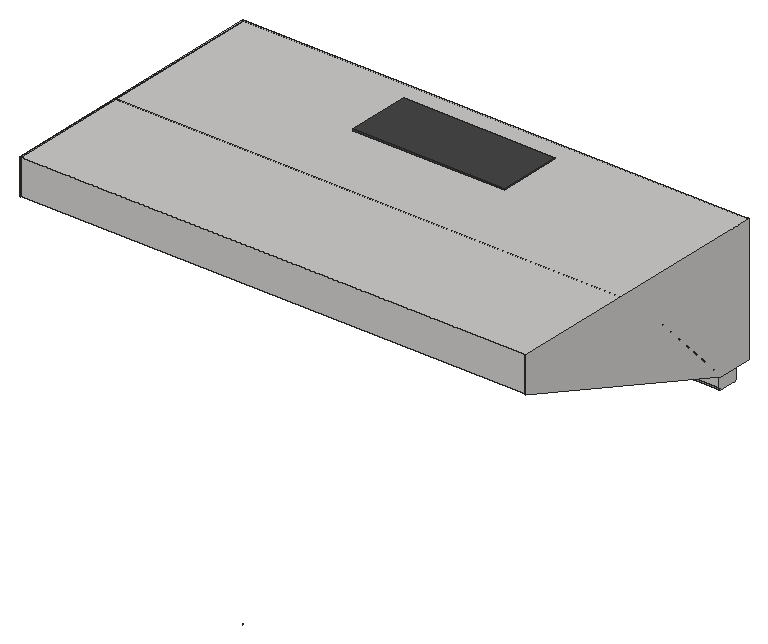
Revit family "QF_ELECTROLUXPROFESSIONAL_642091_MP1120DT", category Specialty Equipment, Revit 2014
Reference planes
  plane 1 "Center (Front/Back)": y = 0
  plane 2: z = 0
  plane 3 "Center (Left/Right)": x = 150
  plane 4 "LEFT": x = -850
  plane 5 "RIGHT": x = 1150
  plane 6 "BACK": y = 550
  plane 7 "FRONT": y = -550
  plane 8 "Plane": z = 2000
  plane 9 "TOP": z = 2140
  plane 10 "Base": z = 1640
  plane 11: z = 1566
  plane 12 "DrainY": y = 485
  plane 13: x = -847
  plane 14: through (0, 414.509, 1640.8) normal (0, 0.7314, 0.682)
  plane 15: y = 470
  plane 16: y = 220
  plane 17 "DrainX": x = 1030
  plane 18: x = -150
  plane 19: x = 450
  plane 20: x = 1147
  plane 21: x = 940
  plane 22: x = 1120
  plane 23: x = -810
  plane 24: x = 1110
  plane 25: x = -47.5
  plane 26: x = 347.5
Forms (mm)
  Extrusion 1, solid, material "QF_Finishes_Stainless Steel"
    sketch origin (-850, 0, 0) x (0, 1, 0) y (0, 0, 1)
      loop
        line (550, 1640) -> (550, 2140) -> (-550, 2140) -> (-550, 1999.112) -> (413.973, 1640) -> (550, 1640)
    from 0 to 3
  Extrusion 2, solid, material "QF_Finishes_Stainless Steel"
    sketch origin (150, 0, 0) x (0, 1, 0) y (0, 0, 1)
      loop
        line (415.255, 1640) -> (550, 1640) -> (550, 2139.19) -> (549.2, 2139.19) -> (549.2, 1640.8) -> (415.876, 1640.8) -> (339.347, 1722.867) -> (349.609, 1732.436) -> (348.927, 1733.167) -> (337.934, 1722.917) -> (415.255, 1640)
      loop
        line (-82.203, 2139.19) -> (-82.203, 2118.6) -> (-31.047, 2118.6) -> (34.354, 2048.466) -> (46.028, 2059.352) -> (45.346, 2060.083) -> (34.403, 2049.879) -> (-30.612, 2119.6) -> (-81.203, 2119.6) -> (-81.203, 2139.19) -> (-82.203, 2139.19)
    from -997 to 997
  Extrusion 3, solid, material "QF_Finishes_Stainless Steel"
    sketch origin (1150, 0, 0) x (0, 1, 0) y (0, 0, 1)
      loop
        line (550, 1640) -> (550, 2140) -> (-550, 2140) -> (-550, 1999.112) -> (413.973, 1640) -> (550, 1640)
    from 0 to -3
  Extrusion 4, solid, material "QF_Finishes_Stainless Steel"
    sketch origin (150, 0, 0) x (0, 1, 0) y (0, 0, 1)
      loop
        line (-550, 2140) -> (-550, 2000) -> (-549.2, 2000) -> (-549.2, 2139.19) -> (550, 2139.19) -> (550, 2140) -> (-550, 2140)
    from -1000 to 1000
  Extrusion 5, solid, material "QF_Finishes_Stainless Steel"
    sketch origin (150, 0, 0) x (0, 1, 0) y (0, 0, 1)
      loop
        line (534, 1640) -> (436, 1640) -> (436, 1627) -> (443.5, 1627) -> (443.5, 1576)
        arc (443.5, 1576) -> (446.429, 1568.929) -> (453.5, 1566) r 10
        line (453.5, 1566) -> (516.5, 1566)
        arc (516.5, 1566) -> (523.571, 1568.929) -> (526.5, 1576) r 10
        line (526.5, 1576) -> (526.5, 1627) -> (534, 1627) -> (534, 1640)
    from 790 to 970
  Extrusion 6, solid, material "QF_Finishes_Stainless Steel"
    sketch origin (0, 0, 1640) x (0, 1, 0) y (-1, 0, 0)
      loop
        circle (485, -1030) r 20
    from -76 to -74
  Extrusion 7, solid, material "QF_Finished_Chrome"
    sketch origin (150, 0, 0) x (0, 1, 0) y (0, 0, 1)
      loop
        line (337.934, 1722.917) -> (341.591, 1726.327) -> (38.011, 2051.876) -> (34.354, 2048.466) -> (337.934, 1722.917)
    from -197.5 to -960
  Extrusion 8, solid, material "QF_Finishes_Stainless Steel"
    sketch origin (150, 0, 0) x (0, 1, 0) y (0, 0, 1)
      loop
        line (337.934, 1722.917) -> (341.591, 1726.327) -> (38.011, 2051.876) -> (34.354, 2048.466) -> (337.934, 1722.917)
    from 997 to 960
  Extrusion 9, solid, material "QF_Finished_Chrome"
    sketch origin (150, 0, 0) x (0, 1, 0) y (0, 0, 1)
      loop
        line (341.588, 1726.324) -> (38.009, 2051.874) -> (34.354, 2048.466) -> (337.934, 1722.917) -> (341.588, 1726.324)
    from 197.5 to 960
  Extrusion 10, solid, material "QF_Finishes_Black"
    sketch origin (0, 0, 2140) x (0, 1, 0) y (-1, 0, 0)
      loop
        line (470, -450) -> (470, 150) -> (220, 150) -> (220, -450) -> (470, -450)
    from 5 to 0
  Extrusion 11, solid, material "QF_Finishes_Stainless Steel"
    sketch origin (0, 0, 0) x (1, 0, 0) y (0, 1, 0)
      loop
        line (-850, 550) -> (-850, 549) -> (-849, 549) -> (-849, 550) -> (-850, 550)
    from 0 to 1
  Extrusion 12, solid, material "QF_Finishes_Stainless Steel"
    sketch origin (150, 0, 0) x (0, 1, 0) y (0, 0, 1)
      loop
        line (337.934, 1722.917) -> (341.591, 1726.327) -> (38.011, 2051.876) -> (34.354, 2048.466) -> (337.934, 1722.917)
    from -960 to -997
  Extrusion 13, solid, material "QF_Finishes_Stainless Steel"
    sketch origin (150, 0, 0) x (0, 1, 0) y (0, 0, 1)
      loop
        line (337.934, 1722.917) -> (341.591, 1726.327) -> (38.011, 2051.876) -> (34.354, 2048.466) -> (337.934, 1722.917)
    from 197.5 to -197.5
Cuts and joins
  joined: Extrusion 2, Extrusion 4
Lines and regions (mm)
  reference lines
    curve 1: line (150, 34.354, 2048.466) -> (150, 34.354, 1888.466)
  symbolic lines, style "SpecialityEquipment", detail levels coarse
    curve 2: line (1150, 550, 2140) -> (-850, 550, 2140)
    curve 3: line (-850, 550, 2140) -> (-850, -550, 2140)
    curve 4: line (1150, -550, 2140) -> (1150, 550, 2140)
    curve 5: line (-850, -550, 2140) -> (1150, -550, 2140)
    curve 6: line (450, 220, 2140) -> (-150, 220, 2140)
    curve 7: line (450, 470, 2140) -> (450, 220, 2140)
    curve 8: line (-150, 470, 2140) -> (450, 470, 2140)
    curve 9: line (-150, 220, 2140) -> (-150, 470, 2140)
    curve 10: line (-850, -550, 0) -> (1150, 550, 0)
    curve 11: line (-850, 550, 0) -> (1150, -550, 0)
Dimensions and locks
  plane 4 "LEFT" to plane 5 "RIGHT" = 2000 mm
  equal spacing: plane 4 "LEFT", plane 3 "Center (Left/Right)", plane 5 "RIGHT"
  locked: plane 8 "Plane" to level at 2000
  plane 9 "TOP" to plane 8 "Plane" = 140 mm
  locked: plane 9 "TOP" to plane 10 "Base" at 500
  plane 10 "Base" to plane 11 = 74 mm
  plane 6 "BACK" to plane 12 "DrainY" = 65 mm  (x2)
  plane 4 "LEFT" to plane 13 = 3 mm
  plane 6 "BACK" to plane 15 = 80 mm
  plane 15 to plane 16 = 250 mm  (x2)
  plane 17 "DrainX" to plane 5 "RIGHT" = 120 mm
  plane 20 to plane 5 "RIGHT" = 3 mm
  locked: plane 21 to plane 17 "DrainX" at 90
  locked: plane 17 "DrainX" to plane 22 at 90
  plane 6 "BACK" to plane 7 "FRONT" = 1100 mm  (x2)
  equal spacing: plane 6 "BACK", plane 1 "Center (Front/Back)", plane 7 "FRONT"
  plane 16 to plane 7 "FRONT" = 770 mm
  plane 15 to plane 6 "BACK" = 80 mm
  locked: plane 4 "LEFT" to plane 23 at 40
  locked: plane 24 to plane 5 "RIGHT" at 40
  locked: plane 25 to plane 26 at 395
  equal spacing: plane 25, plane 3 "Center (Left/Right)", plane 26
  locked: plane 18 to plane 19 at 600
  equal spacing: plane 18, plane 3 "Center (Left/Right)", plane 19
  aligned and locked: level to plane 2
  aligned and locked: Extrusion 2 to Extrusion 1
  aligned and locked: Extrusion 2 to Extrusion 3
  aligned and locked: plane 5 "RIGHT" to Extrusion 4
  aligned and locked: Extrusion 4 to plane 4 "LEFT"
  aligned and locked: plane 20 to Extrusion 8
  aligned and locked: Extrusion 10 to plane 18
  aligned and locked: Extrusion 10 to plane 16
  aligned and locked: Extrusion 10 to plane 15
  aligned and locked: Extrusion 2 to Extrusion 4
  aligned and locked: plane 22 to Extrusion 5
  aligned and locked: Extrusion 5 to plane 21
  aligned and locked: Extrusion 8 to plane 24
  aligned and locked: Extrusion 9 to plane 24
  aligned and locked: Extrusion 7 to plane 23
  aligned and locked: Extrusion 12 to plane 13
  aligned and locked: plane 23 to Extrusion 12
  aligned and locked: Extrusion 3 to plane 20
  aligned and locked: Extrusion 10 to plane 19
  aligned and locked: plane 19 to curve 7
  aligned and locked: plane 26 to Extrusion 13
  aligned and locked: Extrusion 13 to plane 25
  aligned and locked: Extrusion 9 to plane 26
Automatic sketch dimensions
  curve 5 to plane 5 "RIGHT" = 0 mm
  curve 5 to plane 7 "FRONT" = 0 mm
  curve 6 to plane 16 = 0 mm
  plane 15 to curve 8 = 0 mm
  curve 3 to plane 4 "LEFT" = 0 mm
  curve 3 to plane 6 "BACK" = 0 mm
  curve 6 to plane 18 = 0 mm
  Extrusion 1 sketch curve to plane 7 "FRONT" = 0 mm
  Extrusion 1 sketch curve to plane 10 "Base" = 0 mm
  Extrusion 1 sketch curve to plane 6 "BACK" = 0 mm
  Extrusion 1 sketch curve to plane 9 "TOP" = 0 mm
  plane 15 to Extrusion 1 sketch curve = 56.027 mm
  Extrusion 1 sketch curve to plane 8 "Plane" = 0.888 mm
  Extrusion 2 sketch curve to plane 14 = 0 mm  (x3)
  Extrusion 2 sketch curve to plane 10 "Base" = 0 mm
  plane 14 to Extrusion 2 sketch curve = 0 mm
  Extrusion 2 sketch curve to plane 6 "BACK" = 0 mm
  Extrusion 2 sketch curve to Extrusion 2 sketch curve = 65.646 mm
  Extrusion 2 sketch curve to Extrusion 2 sketch curve = 0.682 mm  (x2)
  Extrusion 2 sketch curve to Extrusion 2 sketch curve = 10.261 mm
  plane 10 "Base" to Extrusion 2 sketch curve = 82.917 mm
  Extrusion 2 sketch curve to plane 1 "Center (Front/Back)" = 46.028 mm
  Extrusion 2 sketch curve to Extrusion 2 sketch curve = 10.942 mm
  Extrusion 2 sketch curve to Extrusion 2 sketch curve = 0.049 mm
  Extrusion 2 sketch curve to plane 9 "TOP" = 20.4 mm
  Extrusion 2 sketch curve to plane 9 "TOP" = 21.4 mm
  Extrusion 2 sketch curve to plane 9 "TOP" = 0.81 mm  (x2)
  Extrusion 2 sketch curve to Extrusion 2 sketch curve = 50.156 mm
  Extrusion 2 sketch curve to Extrusion 2 sketch curve = 1 mm
  plane 10 "Base" to Extrusion 2 sketch curve = 0.8 mm
  Extrusion 2 sketch curve to plane 6 "BACK" = 0.8 mm
  Extrusion 3 sketch curve to plane 7 "FRONT" = 0 mm
  Extrusion 3 sketch curve to plane 10 "Base" = 0 mm
  Extrusion 3 sketch curve to plane 6 "BACK" = 0 mm
  Extrusion 3 sketch curve to plane 9 "TOP" = 0 mm
  plane 15 to Extrusion 3 sketch curve = 56.027 mm
  Extrusion 3 sketch curve to plane 8 "Plane" = 0.888 mm
  Extrusion 4 sketch curve to plane 7 "FRONT" = 0 mm
  Extrusion 4 sketch curve to plane 8 "Plane" = 0 mm
  Extrusion 4 sketch curve to plane 6 "BACK" = 0 mm
  Extrusion 4 sketch curve to plane 9 "TOP" = 0 mm
  plane 7 "FRONT" to Extrusion 4 sketch curve = 0.8 mm
  Extrusion 4 sketch curve to plane 9 "TOP" = 0.81 mm
  curve 1 to plane 14 = 0 mm
  curve 1 to plane 1 "Center (Front/Back)" = 34.354 mm
  curve 1 to plane 8 "Plane" = 111.534 mm
  Extrusion 5 sketch curve to plane 10 "Base" = 0 mm
  Extrusion 5 sketch curve to plane 11 = 0 mm
  Extrusion 5 sketch curve to plane 10 "Base" = 13 mm  (x2)
  plane 15 to Extrusion 5 sketch curve = 34 mm
  Extrusion 5 sketch curve to Extrusion 5 sketch curve = 7.5 mm  (x2)
  Extrusion 5 sketch curve to Extrusion 5 sketch curve = 10 mm
  plane 12 "DrainY" to Extrusion 5 sketch curve = 31.5 mm
  Extrusion 5 sketch curve to plane 6 "BACK" = 23.5 mm
  Extrusion 6 sketch curve to plane 12 "DrainY" = 0 mm
  Extrusion 6 sketch curve to plane 17 "DrainX" = 0 mm
  Extrusion 7 sketch curve to plane 14 = 0 mm  (x2)
  Extrusion 7 sketch curve to plane 1 "Center (Front/Back)" = 34.354 mm
  Extrusion 7 sketch curve to Extrusion 7 sketch curve = 3.657 mm
  plane 10 "Base" to Extrusion 7 sketch curve = 82.917 mm
  Extrusion 8 sketch curve to plane 14 = 0 mm  (x2)
  Extrusion 8 sketch curve to plane 1 "Center (Front/Back)" = 34.354 mm
  Extrusion 8 sketch curve to Extrusion 8 sketch curve = 3.657 mm
  plane 10 "Base" to Extrusion 8 sketch curve = 82.917 mm
  Extrusion 9 sketch curve to plane 14 = 0 mm  (x2)
  Extrusion 9 sketch curve to plane 1 "Center (Front/Back)" = 34.354 mm
  Extrusion 9 sketch curve to Extrusion 9 sketch curve = 3.655 mm
  plane 10 "Base" to Extrusion 9 sketch curve = 82.917 mm
  Extrusion 10 sketch curve to plane 16 = 0 mm
  plane 15 to Extrusion 10 sketch curve = 0 mm
  Extrusion 10 sketch curve to plane 19 = 0 mm
  Extrusion 10 sketch curve to plane 18 = 0 mm
  Extrusion 11 sketch curve to plane 4 "LEFT" = 0 mm
  Extrusion 11 sketch curve to plane 6 "BACK" = 0 mm
  plane 4 "LEFT" to Extrusion 11 sketch curve = 1 mm
  Extrusion 11 sketch curve to Extrusion 11 sketch curve = 1 mm
  Extrusion 12 sketch curve to plane 14 = 0 mm  (x2)
  Extrusion 12 sketch curve to plane 1 "Center (Front/Back)" = 34.354 mm
  Extrusion 12 sketch curve to Extrusion 12 sketch curve = 3.657 mm
  plane 10 "Base" to Extrusion 12 sketch curve = 82.917 mm
  Extrusion 13 sketch curve to plane 14 = 0 mm  (x2)
  Extrusion 13 sketch curve to plane 1 "Center (Front/Back)" = 34.354 mm
  Extrusion 13 sketch curve to Extrusion 13 sketch curve = 3.657 mm
  plane 10 "Base" to Extrusion 13 sketch curve = 82.917 mm
  curve 11 to plane 4 "LEFT" = 0 mm
  curve 10 to plane 4 "LEFT" = 0 mm
  curve 11 to plane 5 "RIGHT" = 0 mm
  curve 10 to plane 5 "RIGHT" = 0 mm
  curve 11 to plane 7 "FRONT" = 0 mm
  curve 10 to plane 7 "FRONT" = 0 mm
  curve 11 to plane 6 "BACK" = 0 mm
  curve 10 to plane 6 "BACK" = 0 mm
  radius of Extrusion 6 sketch curve = 20 mm
Connectors
  piping at (1030, 485, 1564), diameter 20
    settings: on Extrusion 6, index 1, connector inside diameter 609.6 mm, connector length 0 mm, flow factor 0, pipe flow 0.0 L/s, pressure drop 0.0 Pa, fitting loss kfactor 0, connector angle 0.00°, fixture units 0, engagement length 0 mm, angle of deflection 0.00°, flow configuration 1, flow direction 2, fitting loss method 0, system type 16, joint type 0, gender type 0, connector reference index -1, connector utility 0, adjustable connector no, is connector primary yes, connector description "Drain"
  hvac at (150, 345, 2145)
    settings: on Extrusion 10, index 2, duct flow 0.0 L/s, flow factor 0, pres drop 0.0 Pa, loss coef 0, conn angle 0.00°, conn width 250 mm, conn height 600 mm, conn diameter 609.6 mm, duct sys type 3, conn prof type 1, flow config 0, flow direction 2, loss method 0, conn ref index -1, conn util no, is conn primary yes, conn desc "EXHAUST OUTLET"
